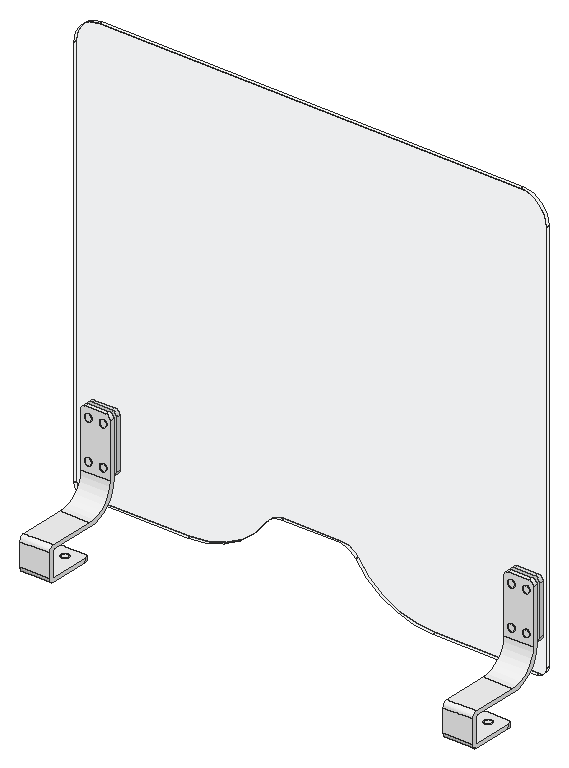
Revit family "Clarus_beShield_Clamp Legs_R20", category Furniture, host Face, Revit 2020
Family settings
  Host = Face
  Cut with Voids When Loaded = No
  Shared = No
  Room Calculation Point = No
Parameters (values of type "48" x 44"")
  Window [instance] = yes
  Width = 48"
  URL = "https://www.clarus.com/"
  TRC Standards [instance] = "http://therevitcollection.com/news/trc-news-the-revit-collection-standards-explained/"
  Shield [instance] = not(Window)  # no
  Product URL = "https://www.clarus.com/be-shield/"
  More Revit Families! [instance] = "www.therevitcollection.com"
  Modeled By = "Commense Studio"  # constant formula
  Model = "be! Shield"  # constant formula
  Manufacturer = "Clarus"  # constant formula
  Leg Finish [instance] = Clarus White
  Glass Depth = 3/8"
  Clarus Glass [instance] = Glass
  Description = "be! Shield is elegantly engineered to add a seamless layer of non-porous, antimicrobial tempered glass to ensure the health and safety of patrons and employees. It’s the perfect solution for the collaborative needs of your workspace."  # constant formula
  Height = 44"
  Designer = ""
  Depth = 12"  # constant formula
  Default Elevation = 0"
  Assembly Code = ""
Types (7): name | Width | Leg Finish | Height
  (no name) | 48" | Clarus White | 44"
  36" x 24" | 36" | Clarus Black | 24"
  48" x 24" | 48" | Clarus White | 24"
  36" x 34" | 36" | Clarus White | 34"
  48" x 34" | 48" | Clarus Black | 34"
  36" x 44" | 36" | Clarus Black | 44"
  48" x 44" | 48" | Clarus White | 44"
Reference planes (in)
  plane 1 "Center (Front/Back)": y = 0
  plane 2: z = 0
  plane 3 "Center (Left/Right)": x = 0
  plane 4 "L": x = -24
  plane 5 "R": x = 24
  plane 6 "B": y = 0.1875
  plane 7 "F": y = -0.1875
  plane 8: z = 44
  plane 9: x = 12.5
  plane 10: x = -12.5
  plane 11: z = 5.25
  plane 12: x = -21.5
  plane 13: x = 21.5
Forms (in)
  Extrusion 1, solid, material "Glass" <- "Clarus Glass", visible <- "Window"
    sketch origin (0, 0, 0) x (1, 0, 0) y (0, 0, 1)
      loop
        arc (-21.375, 44) -> (-23.23116, 43.23116) -> (-24, 41.375) r 2.625
        line (-24, 41.375) -> (-24, 1.25)
        arc (-24, 1.25) -> (-23.70711, 0.54289) -> (-23, 0.25) r 1
        line (-23, 0.25) -> (-12.42908, 0.25)
        arc (-12.42908, 0.25) -> (-7.99968, 1.34581) -> (-4.59213, 4.38043) r 9.5
        arc (-4.59213, 4.38043) -> (-3.87475, 5.0193) -> (-2.94225, 5.25) r 2
        line (-2.94225, 5.25) -> (2.94225, 5.25)
        arc (2.94225, 5.25) -> (3.87475, 5.0193) -> (4.59213, 4.38043) r 2
        arc (4.59213, 4.38043) -> (7.99968, 1.34581) -> (12.42908, 0.25) r 9.5
        line (12.42908, 0.25) -> (23, 0.25)
        arc (23, 0.25) -> (23.70711, 0.54289) -> (24, 1.25) r 1
        line (24, 1.25) -> (24, 41.375)
        arc (24, 41.375) -> (23.23116, 43.23116) -> (21.375, 44) r 2.625
        line (21.375, 44) -> (-21.375, 44)
    from -0.1875 to 0.1875
  Extrusion 2, solid, material "Glass" <- "Clarus Glass", visible <- "Shield"
    sketch origin (0, 0, 0) x (1, 0, 0) y (0, 0, 1)
      loop
        arc (-21.375, 44) -> (-23.23116, 43.23116) -> (-24, 41.375) r 2.625
        line (-24, 41.375) -> (-24, 1.25)
        arc (-24, 1.25) -> (-23.70711, 0.54289) -> (-23, 0.25) r 1
        line (-23, 0.25) -> (23, 0.25)
        arc (23, 0.25) -> (23.70711, 0.54289) -> (24, 1.25) r 1
        line (24, 1.25) -> (24, 41.375)
        arc (24, 41.375) -> (23.23116, 43.23116) -> (21.375, 44) r 2.625
        line (21.375, 44) -> (-21.375, 44)
    from -0.1875 to 0.1875
Dimensions and locks (in)
  equal spacing: plane 4 "L", plane 3 "Center (Left/Right)", plane 5 "R"
  "Width": plane 4 "L" to plane 5 "R"
  equal spacing: plane 7 "F", plane 1 "Center (Front/Back)", plane 6 "B"
  "Glass Depth": plane 7 "F" to plane 6 "B"
  "Height": plane 8 to level
  plane 10 to plane 3 "Center (Left/Right)" to plane 9 = 12 1/2", 12 1/2"
  plane 11 to level = 5 1/4"
  locked: plane 4 "L" to plane 12 at 2.5
  locked: plane 13 to plane 5 "R" at 2.5
  aligned and locked: plane 2 to host face
  aligned and locked: level to host face
  aligned and locked: Extrusion 1 sketch curve to plane 11
  aligned and locked: Extrusion 1 to plane 6 "B"
  aligned and locked: plane 7 "F" to Extrusion 1
  aligned and locked: nested 1 to plane 12
  aligned and locked: plane 13 to nested 2
  aligned and locked: plane 4 "L" to Extrusion 2 sketch curve
  aligned and locked: Extrusion 2 sketch curve to plane 5 "R"
  aligned and locked: Extrusion 2 sketch curve to plane 8
Automatic sketch dimensions
  host sketch curve to host sketch curve = 96"  (x2)
  Extrusion 1 sketch curve to plane 4 "L" = 0"
  Extrusion 1 sketch curve to plane 8 = 0"
  Extrusion 1 sketch curve to plane 5 "R" = 0"
  level to Extrusion 1 sketch curve = 1/4"  (x2)
  plane 4 "L" to Extrusion 1 sketch curve = 1"
  plane 4 "L" to Extrusion 1 sketch curve = 2 5/8"
  Extrusion 1 sketch curve to plane 3 "Center (Left/Right)" = 2.94225"
  plane 3 "Center (Left/Right)" to Extrusion 1 sketch curve = 2.94225"
  Extrusion 1 sketch curve to plane 9 = 0.07092"
  Extrusion 1 sketch curve to Extrusion 1 sketch curve = 2 5/8"
  Extrusion 1 sketch curve to plane 5 "R" = 1"
  Extrusion 1 sketch curve to plane 11 = 2"  (x2)
  plane 11 to Extrusion 1 sketch curve = 4 1/2"  (x2)
  Extrusion 1 sketch curve to plane 10 = 0.07092"
  level to Extrusion 2 sketch curve = 1/4"
  plane 4 "L" to Extrusion 2 sketch curve = 1"
  Extrusion 2 sketch curve to plane 12 = 1/8"
  Extrusion 2 sketch curve to plane 13 = 1/8"
  Extrusion 2 sketch curve to Extrusion 2 sketch curve = 1"
Nested families (in)
  nested 1: "Clarus_beShield_Clamp_R18" at (-21.5, 0.5625, 0), Core Finish <- "Leg Finish", type "Clamp"
    with TRC Standards "http://therevitcollection.com/news/trc-news-the-revit-collection-standards-explained/", More Revit Families! "www.therevitcollection.com", Core Finish Clarus White
  nested 2: "Clarus_beShield_Clamp_R18" at (21.5, 0.5625, 0), Core Finish <- "Leg Finish", type "Clamp"
    with TRC Standards "http://therevitcollection.com/news/trc-news-the-revit-collection-standards-explained/", More Revit Families! "www.therevitcollection.com", Core Finish Clarus White
Definition of nested family "Clarus_beShield_Clamp_R18"
  Parameters (values of type "Clamp")
    Width = 3"  # constant formula
    URL = "https://www.clarus.com/"
    TRC Standards [instance] = "http://therevitcollection.com/news/trc-news-the-revit-collection-standards-explained/"
    Product URL = "https://www.clarus.com/be-shield/"
    More Revit Families! [instance] = "www.therevitcollection.com"
    Modeled By = "Commense Studio"  # constant formula
    Model = "be! Shield"  # constant formula
    Manufacturer = "Clarus"  # constant formula
    Core Finish [instance] = none
    Description = "be! Shield Leg Configs"  # constant formula
    Height = 9"  # constant formula
    Designer = ""
    Depth = 8 7/8"  # constant formula
    Default Elevation = 0"
    Assembly Code = ""
  Reference planes (in)
    plane 1 "Center (Front/Back)": y = 0
    plane 2: z = 0
    plane 3 "Center (Left/Right)": x = 0
    plane 4 "L": x = -1.5
    plane 5 "R": x = 1.5
    plane 6 "F": y = -8.875
    plane 7: z = 9
    plane 8: y = -0.375
    plane 9: y = -0.75
    plane 10: y = -1.125
  Forms (in)
    Extrusion 1, solid
      sketch origin (0, 0, 0) x (1, 0, 0) y (0, 1, 0)
        loop
          line (-48, 48) -> (-48, -48) -> (48, -48) -> (48, 48) -> (-48, 48)
      from 0 to -12
    Extrusion 2, solid, material <- "Core Finish"
      sketch origin (10.61611, 0, 0) x (0, 0, 1) y (0, -1, 0)
        loop
          line (0.375, 3.75) -> (0.375, 8.375)
          arc (0.375, 8.375) -> (0.22855, 8.72855) -> (-0.125, 8.875) r 0.5
          line (-0.125, 8.875) -> (-2.475, 8.875)
          arc (-2.475, 8.875) -> (-2.82856, 8.72855) -> (-2.97501, 8.375) r 0.5
          line (-2.97501, 8.375) -> (-2.97501, 3.86516) -> (-2.6, 3.86516) -> (-2.6, 8.375)
          arc (-2.6, 8.375) -> (-2.56339, 8.46339) -> (-2.475, 8.5) r 0.125
          line (-2.475, 8.5) -> (-0.125, 8.5)
          arc (-0.125, 8.5) -> (-0.03661, 8.46339) -> (0, 8.375) r 0.125
          line (0, 8.375) -> (0, 3.75)
          arc (0, 3.75) -> (0.87868, 1.62868) -> (3, 0.75) r 3
          line (3, 0.75) -> (3, 1.125)
          arc (3, 1.125) -> (1.14385, 1.89384) -> (0.375, 3.75) r 2.625
      from -12.11611 to -9.11611
    Extrusion 3, solid, material <- "Core Finish"
      sketch origin (0, 0, 0) x (1, 0, 0) y (0, 0, 1)
        loop
          arc (-1, 9) -> (-1.35355, 8.85355) -> (-1.5, 8.5) r 0.5
          line (-1.5, 8.5) -> (-1.5, 3.50001)
          arc (-1.5, 3.50001) -> (-1.35355, 3.14645) -> (-1, 3.00001) r 0.5
          line (-1, 3.00001) -> (1, 3.00001)
          arc (1, 3.00001) -> (1.35355, 3.14645) -> (1.5, 3.50001) r 0.5
          line (1.5, 3.50001) -> (1.5, 8.5)
          arc (1.5, 8.5) -> (1.35355, 8.85355) -> (1, 9) r 0.5
          line (1, 9) -> (-1, 9)
      from 0 to 0.375
    Extrusion 4, solid, material <- "Core Finish"
      sketch origin (0, -0.75984, 0) x (1, 0, 0) y (0, 0, 1)
        loop
          arc (-1, 9) -> (-1.35355, 8.85355) -> (-1.5, 8.5) r 0.5
          line (-1.5, 8.5) -> (-1.5, 3.00001) -> (1.5, 3.00001) -> (1.5, 8.5)
          arc (1.5, 8.5) -> (1.35355, 8.85355) -> (1, 9) r 0.5
          line (1, 9) -> (-1, 9)
      from -0.00984 to 0.36516
    Extrusion 5, void
      sketch origin (0, 0, 0) x (1, 0, 0) y (0, 0, 1)
        loop
          circle (-0.75197, 8.00344) r 0.37503
        loop
          circle (-0.75197, 8.00344) r 0.34378
        loop
          circle (0.75197, 8.00344) r 0.37503
        loop
          circle (0.75197, 8.00344) r 0.34378
        loop
          circle (-0.75197, 4.00344) r 0.37503
        loop
          circle (-0.75197, 4.00344) r 0.34378
        loop
          circle (0.75197, 4.00344) r 0.37503
        loop
          circle (0.75197, 4.00344) r 0.34378
      from 0 to 2
    Extrusion 6, void
      sketch origin (0, 0, 0) x (1, 0, 0) y (0, 1, 0)
        loop
          line (-1, -3.86516) -> (-1.5, -3.86516) -> (-1.5, -4.36516)
          arc (-1.5, -4.36516) -> (-1.35355, -4.0116) -> (-1, -3.86516) r 0.5
        loop
          arc (1, -3.86516) -> (1.35355, -4.0116) -> (1.5, -4.36516) r 0.5
          line (1.5, -4.36516) -> (1.5, -3.86516) -> (1, -3.86516)
      from -3 to -2
    Extrusion 7, void
      sketch origin (0, 0.5, 0) x (1, 0, 0) y (0, 1, 0)
        loop
          circle (0, -5.5625) r 0.37503
        loop
          circle (0, -5.5625) r 0.3594
        loop
          circle (0, -8.0625) r 0.37503
        loop
          circle (0, -8.0625) r 0.3594
      from -2.97501 to -2
  Cuts and joins
    Extrusion 5, Extrusion 6, Extrusion 7 cuts Extrusion 2
    Extrusion 5, Extrusion 6, Extrusion 7 cuts Extrusion 4
    joined: Extrusion 2, Extrusion 4
    Extrusion 5 cuts Extrusion 3
  Dimensions and locks (in)
    equal spacing: plane 4 "L", plane 3 "Center (Left/Right)", plane 5 "R"
    "Width": plane 4 "L" to plane 5 "R"
    "Depth": plane 6 "F" to plane 1 "Center (Front/Back)"
    "Height": plane 7 to level
    plane 9 to plane 8 to plane 1 "Center (Front/Back)" = 3/8" locked, 3/8"
    plane 6 "F" to plane 1 "Center (Front/Back)" = 8 7/8"
    aligned and locked: plane 2 to Extrusion 1
    aligned and locked: level to Extrusion 1
    aligned and locked: Extrusion 2 to plane 4 "L"
    aligned and locked: plane 5 "R" to Extrusion 2
    aligned and locked: Extrusion 3 to plane 1 "Center (Front/Back)"
    aligned and locked: plane 8 to Extrusion 3
    aligned and locked: cut or joined group of Extrusion 2, Extrusion 4, Extrusion 5, Extrusion 6, Extrusion 7 to plane 9
    aligned and locked: plane 10 to cut or joined group of Extrusion 2, Extrusion 4, Extrusion 5, Extrusion 6, Extrusion 7
    aligned and locked: plane 8 to cut or joined group of Extrusion 3, Extrusion 5
    aligned and locked: cut or joined group of Extrusion 3, Extrusion 5 to plane 1 "Center (Front/Back)"
  Automatic sketch dimensions
    Extrusion 1 sketch curve to Extrusion 1 sketch curve = 96"  (x2)
    Extrusion 2 sketch curve to plane 6 "F" = 0"
    Extrusion 2 sketch curve to plane 6 "F" = 1/2"
    Extrusion 2 sketch curve to level = 2.97501"
    Extrusion 2 sketch curve to Extrusion 2 sketch curve = 3/8"  (x2)
    Extrusion 2 sketch curve to Extrusion 2 sketch curve = 0"  (x4)
    Extrusion 2 sketch curve to level = 1/8"  (x2)
    level to Extrusion 2 sketch curve = 0"
    Extrusion 2 sketch curve to Extrusion 2 sketch curve = 2 5/8"
    Extrusion 2 sketch curve to plane 9 = 3.11516"
    Extrusion 2 sketch curve to plane 9 = 3"
    Extrusion 2 sketch curve to plane 9 = 3/8"
    Extrusion 3 sketch curve to plane 4 "L" = 0"
    Extrusion 3 sketch curve to plane 7 = 0"
    Extrusion 3 sketch curve to plane 5 "R" = 0"
    plane 4 "L" to Extrusion 3 sketch curve = 1/2"  (x2)
    Extrusion 3 sketch curve to plane 5 "R" = 1/2"
    Extrusion 3 sketch curve to Extrusion 3 sketch curve = 1/2"
    level to Extrusion 3 sketch curve = 3 1/2"
    Extrusion 4 sketch curve to plane 4 "L" = 0"
    Extrusion 4 sketch curve to plane 7 = 0"
    Extrusion 4 sketch curve to plane 5 "R" = 0"
    plane 4 "L" to Extrusion 4 sketch curve = 1/2"
    Extrusion 4 sketch curve to plane 5 "R" = 1/2"
    level to Extrusion 4 sketch curve = 3"
    Extrusion 5 sketch curve to Extrusion 5 sketch curve = 0"  (x9)
    plane 4 "L" to Extrusion 5 sketch curve = 0.74803"  (x2)
    Extrusion 5 sketch curve to plane 5 "R" = 0.74803"  (x2)
    level to Extrusion 5 sketch curve = 4.00344"
    Extrusion 5 sketch curve to plane 7 = 0.99656"  (x2)
    Extrusion 6 sketch curve to plane 4 "L" = 0"  (x2)
    Extrusion 6 sketch curve to plane 5 "R" = 0"  (x2)
    plane 4 "L" to Extrusion 6 sketch curve = 1/2"
    Extrusion 6 sketch curve to plane 5 "R" = 1/2"
    Extrusion 6 sketch curve to plane 9 = 3.61516"
    Extrusion 6 sketch curve to Extrusion 6 sketch curve = 0"  (x5)
    Extrusion 7 sketch curve to Extrusion 7 sketch curve = 0"  (x4)
    Extrusion 7 sketch curve to plane 3 "Center (Left/Right)" = 0"  (x2)
    Extrusion 7 sketch curve to plane 6 "F" = 1 5/16"
    Extrusion 7 sketch curve to Extrusion 7 sketch curve = 2 1/2"
    radius of Extrusion 5 sketch curve = 0.37503"  (x4)
    radius of Extrusion 5 sketch curve = 0.34378"  (x4)
    radius of Extrusion 7 sketch curve = 0.37503"  (x2)
    radius of Extrusion 7 sketch curve = 0.3594"  (x2)
